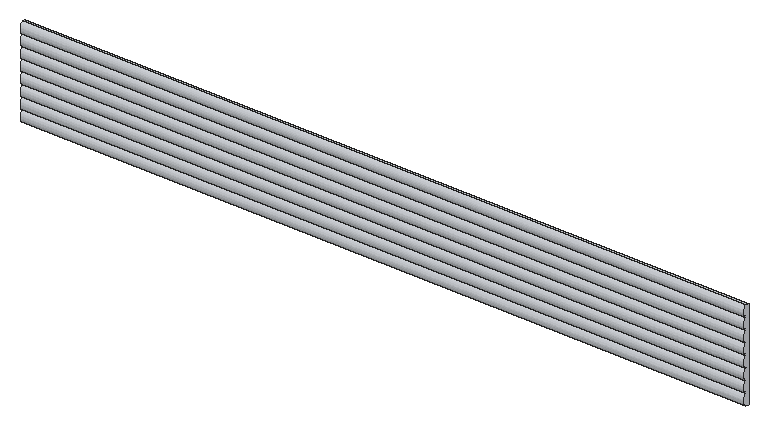
Revit family "OracDecor_W110", category Обобщенные модели, Revit 2019
Family settings
  Может служить основой для арматурных стержней = Нет
  Размер круглого соединителя = Использовать диаметр
  Тип детали = Нормальный
  На основе рабочей плоскости = Нет
  Всегда вертикально = Да
  При загрузке вырезать с полостями = Нет
  Общий = Нет
  Точка расчета площади = Нет
Parameters
  Изготовитель = "Family from POCHERTEAM"  # constant formula
  URL = "t.me/pocherteam"
Reference planes
  plane 1 "По центру (Вперед/Назад)": y = 0
  plane 2: z = 0
  plane 3 "По центру (Влево/Вправо)": x = 0
Forms (mm)
  Extrusion 1, solid
    sketch origin (0, 0, 0) x (0, 1, 0) y (0, 0, 1)
      loop
        line (0, 0) -> (0, 250) -> (-8, 250)
        arc (-8, 250) -> (-16.027, 234.375) -> (-8, 218.75) r 19.221
        arc (-8, 218.75) -> (-16.027, 203.125) -> (-8, 187.5) r 19.221
        arc (-8, 187.5) -> (-16.027, 171.875) -> (-8, 156.25) r 19.221
        arc (-8, 156.25) -> (-16.027, 140.625) -> (-8, 125) r 19.221
        arc (-8, 125) -> (-16.027, 109.375) -> (-8, 93.75) r 19.221
        arc (-8, 93.75) -> (-16.027, 78.125) -> (-8, 62.5) r 19.221
        arc (-8, 62.5) -> (-16.027, 46.875) -> (-8, 31.25) r 19.221
        arc (-8, 31.25) -> (-16.027, 15.625) -> (-8, 0) r 19.221
        line (-8, 0) -> (0, 0)
    from 0 to 2000
Dimensions and locks
  Extrusion 1 to plane 3 "По центру (Влево/Вправо)" = 2000 mm
  Extrusion 1 to level = 250 mm
  plane 1 "По центру (Вперед/Назад)" to Extrusion 1 = 16.027 mm
  aligned and locked: level to plane 2
